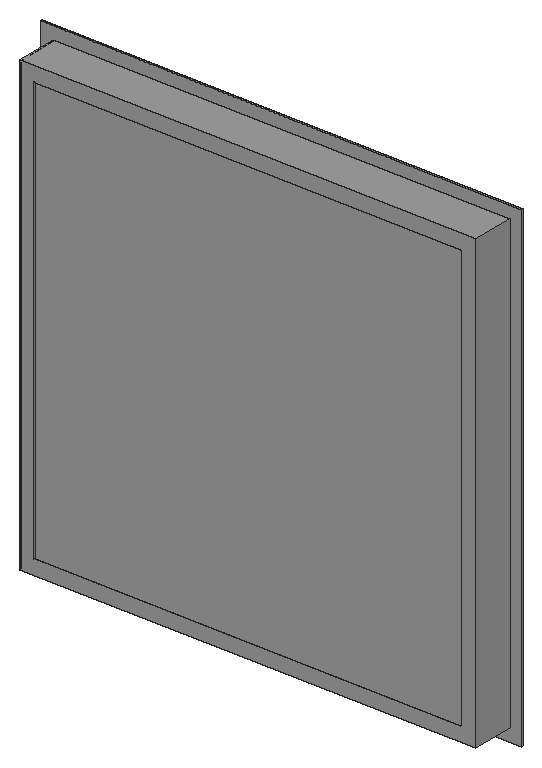
Revit family "Gorter-B_0800-0800", category Generic Models, host Wall, Revit 2017
Family settings
  Host = Wall
  Can host rebar = No
  Round Connector Dimension = Use Diameter
  Part Type = Normal
  Always vertical = Yes
  Cut with Voids When Loaded = No
  Shared = Yes
  Room Calculation Point = No
Parameters (values of type "B-0800-0800")
  wandluik = KTL behandeld staal - RAL9010
  frame = KTL behandeld staal - RAL9010
  draairichting plattegrond = yes
  draairichting aanzicht = yes
  brandwerende vulling = isolatievulling
  afstand tot wand = 2 mm
  Weight (kg) = 43
  URL = "https://www.gortergroup.com/nl/producten/wandluiken-en-plafondluiken/b-brandwerend.html"
  Sparingsmaat B = B + 53 mm  # 853 mm
  Sparingsmaat A = A + 53 mm  # 853 mm
  Model = "Wandluik B, 120 minuten brandwerend"
  El-2 = "60 minuten"
  El-1 = "20 minuten"
  EW = "120 minuten"
  E = "120 minuten"
  Bevestiging = "voorgeboorde bevestigingsgaten"
  B = 800 mm
  A = 800 mm
Types (4, lengths in mm): name | Weight (kg) | Sparingsmaat B | Sparingsmaat A | B | A
  B-0400-0400 | 14 | 453 | 453 | 400 | 400
  B-0600-0600 | 27 | 653 | 653 | 600 | 600
  B-0600-0800 | 34 | 853 | 653 | 800 | 600
  B-0800-0800 | 43 | 853 | 853 | 800 | 800
Reference planes
  plane 1 "Wall": y = 0
  plane 2 "Center (Left/Right)": x = 125
  plane 3 "Back": y = 75
  plane 4: x = -325
  plane 5: x = 575
  plane 6: z = 902
  plane 7: z = 2
  plane 8: x = 525
  plane 9: z = 852
  plane 10: x = -275
  plane 11: z = 52
  plane 12 "voorkant": y = 77
  plane 13: x = 532
  plane 14: z = 2397.5
  plane 15: x = -282
  plane 16: z = 45
  plane 17: z = 859
  plane 18: y = 75.5
  plane 19: z = 452
  plane 20: x = -149
  plane 21: x = -255.5
  plane 22: y = 80
  plane 23: y = 3.5
  plane 24: y = 2
Forms (mm)
  Extrusion 1, void
    sketch origin (0, 0, 0) x (1, 0, 0) y (0, 0, 1)
      loop
        line (551.5, 878.5) -> (-301.5, 878.5) -> (-301.5, 25.5) -> (551.5, 25.5) -> (551.5, 878.5)
    from -75 to 75
  Sweep 2, solid, material "KTL behandeld staal - RAL9010" <- "frame"
    path origin (0, 77, 0) x (-1, 0, 0) y (0, 0, 1)
      loop
        line (-525, 852) -> (-525, 52) -> (275, 52) -> (275, 852) -> (-525, 852)
    profile "B_randprofiel : U_randprofiel" origin (125, 77, 852) x (0, 0, 1) y (0, 1, 0)
      loop
        line (11.5, -63.5) -> (25, -63.5) -> (25, -1.5) -> (11.5, -1.5) -> (11.5, -63.5)
      loop
        line (25, -78.5) -> (0, -78.5) -> (0, -80) -> (26.5, -80) -> (26.5, -69) -> (26.5, -65.25) -> (26.5, -63.25) -> (26.5, -1.5) -> (50, -1.5) -> (50, 0) -> (10, 0) -> (10, -65) -> (25, -65) -> (25, -78.5)
  Sweep 3, solid, material "KTL behandeld staal - RAL9010" <- "wandluik"
    path origin (0, 77, 0) x (-1, 0, 0) y (0, 0, 1)
      loop
        line (-532, 859) -> (-532, 45) -> (282, 45) -> (282, 859) -> (-532, 859)
    profile "B_deurprofiel : U_deurprofiel" origin (125, 77, 859) x (0, 0, 1) y (0, 1, 0)
      loop
        line (-1.5, -1.5) -> (-1.5, -73.5) -> (-20, -73.5) -> (-20, -75) -> (0, -75) -> (0, 0) -> (-20, 0) -> (-20, -1.5) -> (-1.5, -1.5)
  Extrusion 4, solid, material "KTL behandeld staal - RAL9010" <- "wandluik"
    sketch origin (0, 0, 0) x (1, 0, 0) y (0, 0, 1)
      loop
        line (512, 839) -> (-264, 839) -> (-264, 65) -> (512, 65) -> (512, 839)
      loop
        circle (-242.5, 452) r 13.5
    from -77 to -75.5
  Extrusion 5, solid, material "KTL behandeld staal - RAL9010" <- "wandluik"
    sketch origin (0, 77, 0) x (-1, 0, 0) y (0, 0, 1)
      loop
        circle (242.5, 452) r 13.5
    from 0 to 3
  Extrusion 6, solid, material "isolatievulling" <- "brandwerende vulling"
    sketch origin (0, 77, 0) x (-1, 0, 0) y (0, 0, 1)
      loop
        line (280.5, 857.5) -> (-530.5, 857.5) -> (-530.5, 46.5) -> (280.5, 46.5) -> (280.5, 857.5)
    from -73.5 to -1.5
  Extrusion 7, solid, material "KTL behandeld staal - RAL9010" <- "wandluik"
    sketch origin (0, 0, 0) x (1, 0, 0) y (0, 0, 1)
      loop
        line (-262, 839) -> (-262, 65) -> (512, 65) -> (512, 839) -> (-262, 839)
    from -3.5 to -2
Cuts and joins
  joined: Sweep 3, Extrusion 4, Extrusion 5, Extrusion 7
Lines and regions (mm)
  model lines, visible <- "draairichting aanzicht"
    curve 1: line (532, 77, 859) -> (-282, 77, 452)
    curve 2: line (-282, 77, 452) -> (532, 77, 45)
  model lines, visible <- "draairichting plattegrond"
    curve 3: line (532, 77, 52) -> (-227.472, 280.5, 52)
    curve 4: line (-282, 77, 52) -> (-227.472, 280.5, 52)
Text (mm)
  text "Placement Side" at (-1848.837, 1116.779, 0), in view "Ref. Level"
  text "Placement side" at (0, 1409.804, 2854.306), in view "Left"
  text "Placement side" at (0, 499.811, 2980.732), in view "Right"
Dimensions and locks
  locked: plane 3 "Back" to host wall
  "A": plane 10 to plane 8
  locked: plane 8 to plane 5 at 50
  locked: plane 10 to plane 4 at 50
  equal spacing: plane 8, plane 2 "Center (Left/Right)", plane 10
  "B": plane 11 to plane 9
  locked: plane 9 to plane 6 at 50
  locked: plane 7 to plane 11 at 50
  plane 15 to plane 13 = 814 mm
  plane 10 to plane 15 = 7 mm
  plane 8 to plane 13 = 7 mm
  locked: plane 16 to plane 11 at 7
  locked: plane 9 to plane 17 at 7
  locked: plane 12 "voorkant" to plane 18 at 1.5
  "afstand tot wand": plane 12 "voorkant" to plane 3 "Back"
  locked: plane 13 to Extrusion 1 sketch curve at 19.5
  locked: plane 15 to Extrusion 1 sketch curve at 19.5
  locked: plane 17 to Extrusion 1 sketch curve at 19.5
  locked: Extrusion 1 sketch curve to plane 16 at 19.5
  plane 4 to plane 5 = 900 mm
  plane 7 to plane 6 = 900 mm
  equal spacing: plane 7, plane 19, plane 6
  Extrusion 4 sketch curve to plane 19 to Extrusion 4 sketch curve = 13.5 mm locked, 13.5 mm locked
  locked: plane 4 to plane 21 at 69.5
  locked: Extrusion 4 sketch curve to Extrusion 4 sketch curve at 21.5
  locked: plane 22 to plane 12 "voorkant" at 3
  locked: plane 8 to plane 13 at 7
  locked: plane 10 to plane 15 at 7
  locked: plane 18 to plane 23 at 72
  locked: plane 23 to plane 24 at 1.5
  Sweep 2 to Sweep 2 = 853 mm
  locked: curve 3 to plane 12 "voorkant" (angle 15.00°)
  locked: plane 12 "voorkant" to curve 4 (angle 75.00°)
  aligned and locked: plane 1 "Wall" to host wall
  aligned and locked: host wall to Extrusion 1  (x2)
  aligned and locked: plane 9 to Sweep 2 sketch curve
  aligned and locked: Sweep 2 sketch curve to plane 10
  aligned and locked: plane 8 to Sweep 2 sketch curve
  aligned and locked: plane 11 to Sweep 2 sketch curve
  aligned and locked: plane 17 to Sweep 3 sketch curve
  aligned and locked: Sweep 3 sketch curve to plane 13
  aligned and locked: Sweep 3 sketch curve to plane 16
  aligned and locked: Sweep 3 sketch curve to plane 15
  aligned and locked: Extrusion 4 sketch curve to Sweep 3  (x3)
  aligned and locked: plane 12 "voorkant" to Extrusion 4
  aligned and locked: Extrusion 4 to plane 18
  aligned and locked: plane 13 to curve 2
  aligned and locked: plane 16 to curve 2
  aligned and locked: plane 19 to curve 2
  aligned and locked: plane 15 to curve 2
  aligned and locked: plane 13 to curve 1
  aligned and locked: plane 17 to curve 1
  aligned and locked: plane 12 "voorkant" to curve 2  (x2)
  aligned and locked: plane 15 to curve 1
  aligned and locked: plane 13 to curve 3
  aligned and locked: plane 12 "voorkant" to curve 3
  aligned and locked: plane 15 to curve 4
  aligned and locked: plane 12 "voorkant" to curve 4
  aligned and locked: Extrusion 5 sketch curve to cut or joined group of Sweep 3, Extrusion 4, Extrusion 5, Extrusion 7
  aligned and locked: plane 22 to Extrusion 5
  aligned and locked: plane 18 to Extrusion 6
  aligned and locked: Extrusion 6 to plane 23
  aligned and locked: Extrusion 7 sketch curve to cut or joined group of Sweep 3, Extrusion 4, Extrusion 5, Extrusion 7  (x4)
  aligned and locked: plane 23 to Extrusion 7
  aligned and locked: Extrusion 6 to cut or joined group of Sweep 3, Extrusion 4, Extrusion 5, Extrusion 7  (x2)
  aligned and locked: cut or joined group of Sweep 3, Extrusion 4, Extrusion 5, Extrusion 7 to plane 24
Automatic sketch dimensions
  Extrusion 4 sketch curve to plane 21 = 13 mm
  Extrusion 5 sketch curve to plane 19 = 0 mm  (x2)
  plane 13 to Extrusion 6 sketch curve = 1.5 mm
  plane 15 to Extrusion 6 sketch curve = 1.5 mm
  plane 16 to Extrusion 6 sketch curve = 1.5 mm
  Extrusion 6 sketch curve to plane 17 = 1.5 mm
